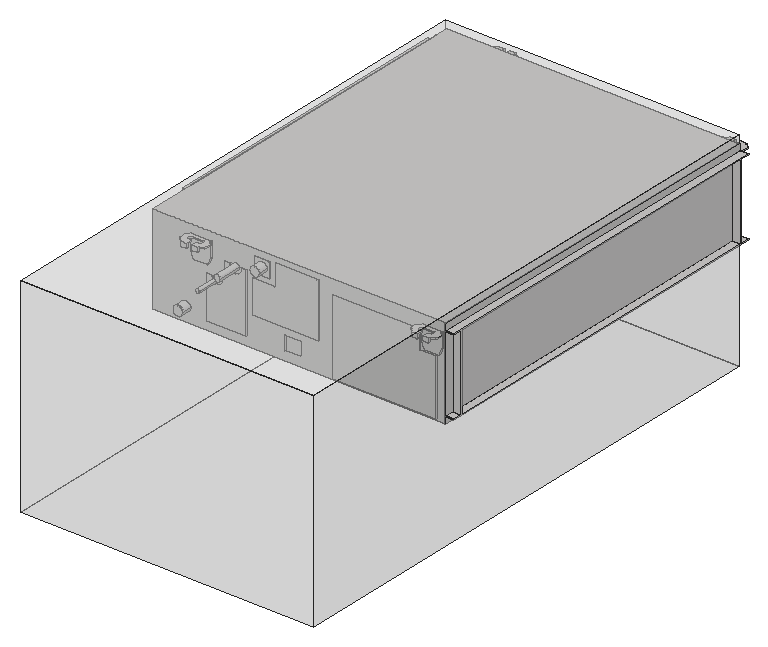
Revit family "outputfile", category 機械設備, Revit 2024
Family settings
  丸型コネクタ寸法 = 半径を使用
  パーツ タイプ = 標準
  OmniClass 番号 = 23.75.10.24.21.27.27
  OmniClass タイトル = Split System Air Conditioning Units
  作業面ベース = いいえ
  常に垂直 = はい
  ロード時にボイドで切り取り = いいえ
  注釈の向きを維持 = いいえ
  共有 = いいえ
  部屋計算ポイント = はい
Parameters (values of type "FBA13BV2S")
  Description = ""
  製造元 = "Daikin"
  書き出し IFC クラス(タイプ) = "IfcUnitaryEquipmentType"
  定義済み IFC タイプ(タイプ) = "AIRCONDITIONINGUNIT"
  Cost = 0
  モデル = "FBA13BV2S"
  Type Comments = ""
  Keynote = ""
  Type Image = (empty or 0)
  Assembly Code = ""
  switch_frequency = yes
  r_Liquid Pipe Size = Liquid Pipe Size / 2  # 4.75 mm
  r_Gas Pipe Size = Gas Pipe Size / 2  # 7.95 mm
  r_Drain Pipe Size = Drain Pipe Size / 2  # 12.5 mm
  lw_power = 770.0 mm  # constant formula
  lh_SA = 138.0 mm  # constant formula
  lw_SA = if(Depth = 550.0 mm, 225.0 mm, if(Depth = 700.0 mm, 300.0 mm, if(Depth = 1000.0 mm, 450.0 mm, if(Depth = 1400.0 mm, 650.0 mm, 725.0 mm))))  # 450.0 mm
  lw_RA = if(Depth = 550.0 mm, 275.0 mm, if(Depth = 700.0 mm, 349.0 mm, if(Depth = 1000.0 mm, 499.0 mm, if(Depth = 1400.0 mm, 699.0 mm, 775.0 mm))))  # 499.0 mm
  lh_power = 60.0 mm + [h***]  # 60.0 mm
  lh_mountinghole1 = lh_mountinghole + [h***]  # 222.0 mm
  lh_RA = 123.0 mm  # constant formula
  ld_power = Depth / 2  # 500.0 mm
  connector_voltage = Voltage_50Hz  # 220 V
  connector_powerinput = [Power Input (Cooling)]  # 0.810 kW
  connector_phase = Phase_50Hz  # 1
  Voltage_comment_50Hz = "220 - 240"
  Voltage_50Hz = 220 V
  URL = ""
  Supply Air Direction [instance] = yes
  Sound Power Level_H speed (dB) = 0
  Phase_50Hz = 1
  Minimum External Static Pressure = 50.00 Pa
  Minimum Circuit Amps_50Hz = 1.5 A
  Maximum Fuse Amps_50Hz = 16.0 A
  Maximum External Static Pressure = 150.00 Pa
  Material_Casing = DAIKIN_GalvanizedSteel_Casing_indoorunit
  lw_mountinghole = 630.0 mm  # constant formula
  lh_gaspipe = 183.0 mm + [h***]  # 183.0 mm
  lh_mountinghole = 222.0 mm  # constant formula
  lh_liquidpipe = 136.0 mm + [h***]  # 136.0 mm
  lh_drainpipe = 207.0 mm + [h***]  # 207.0 mm
  lh_antena = Height - lh_mountinghole + 1.0 mm  # 24.0 mm
  ld_drainpipe = Depth / 2 + 26.0 mm  # 526.0 mm
  ld_liquidpipe = Depth / 2 + 69.0 mm  # 569.0 mm
  ld_gaspipe = Depth / 2 + 65.0 mm  # 565.0 mm
  ld_mountinghole = Depth + 38.0 mm  # 1038.0 mm
  h*** = 0.0 mm  # constant formula
  lw_liquidpipe = 179.0 mm  # constant formula
  lw_gaspipe = 229.0 mm  # constant formula
  lw_drainpipe = 300.0 mm  # constant formula
  Width = 800.0 mm
  Version = "ver.1.0"
  Unit Type = "M.S.P. Duct"
  Unit Mass Weight = 37.00 kg
  Unit Designation [instance] = ""
  Uniclass2015Version = "Products v1.30"
  Uniclass2015Title = "Split coil room air conditioning units"
  Uniclass2015Code = "Pr_70_65_03_86"
  Total Cooling Capacity [instance] = 0.000 kW
  Sound Pressure Level_M speed (dBA) = 33
  Sound Pressure Level_L speed (dBA) = 31
  Sound Pressure Level_H speed (dBA) = 35
  Series = "SkyAir_Fan Coil Unit"
  Sensible Cooling Capacity [instance] = 0.000 kW
  SA Duct Size Width = 792.0 mm
  SA Duct Size Height = 176.0 mm
  Refrigerant Type = "R32"
  RA Duct Size Width = 952.0 mm
  RA Duct Size Height = 208.0 mm
  Power Input (Cooling) = 0.810 kW
  Option Accessory 3 [instance] = ""
  Option Accessory 2 [instance] = ""
  Option Accessory 1 [instance] = ""
  Nominal Cooling Capacity = 3.800 kW
  Minimum Airflow = 750.00 m³/h
  Median Airflow = 900.00 m³/h
  Maximum Airflow = 1080.00 m³/h
  Load Classification = HVAC
  Liquid Pipe Size = 9.5 mm
  Link_Nested Family [instance] = ""
  IfcVersion = ""
  IfcExportType = "AIRCONDITIONINGUNIT"
  IfcExportAs = "IfcUnitaryEquipmentType"
  Height = 245.0 mm
  Heat Exchanger Type = "Cross Fin Coil"
  Gas Pipe Size = 15.9 mm
  Frequency_50Hz = 50 Hz
  Fan Type = "Sirocco Fan"
  Fan Drive = "Direct Drive"
  FCU Tag No. [instance] = ""
  Drain Pipe Size = 25.0 mm
  Design Supply Airflow [instance] = 0.00 m³/h
  Design Return Airflow [instance] = 0.00 m³/h
  Design External Static Pressure [instance] = 0.00 Pa
  Depth = 1000.0 mm
  既定の高さ = 0.0 mm
  Cooling Entering Wet Bulb Temperature [instance] = 0.00 °C
  Cooling Entering Dry Bulb Temperature [instance] = 0.00 °C
  Cooling Ambient Wet Bulb Temperature [instance] = 0.00 °C
  Cooling Ambient Dry Bulb Temperature [instance] = 0.00 °C
  Clearance visibility [instance] = yes
  Clearance Top = 20.0 mm
  Clearance Right = 0.0 mm
  Clearance Rear = 0.0 mm
  Clearance Left = 0.0 mm
  Clearance Front = 450.0 mm
  Clearance Bottom = 300.0 mm
Reference planes
  plane 1 "Center (Front/Back)": y = 0
  plane 2 "h": z = 0
  plane 3 "Center (Left/Right)": x = 0
  plane 4 "Back": y = 500
  plane 5 "Front": y = -500
  plane 6 "Left": x = -400
  plane 7 "Right": x = 400
  plane 8 "Top": z = 0
  plane 9 "Bottom": z = -245
  plane 10: y = -215
  plane 11: y = 500
  plane 12: y = -950
  plane 13: x = -400
  plane 14: x = 400
  plane 15: z = 20
  plane 16: z = -545
  plane 17: x = -400
  plane 18: x = -399
  plane 19: x = 399
  plane 20: y = 50
  plane 21: y = -1
  plane 22: z = -122
  plane 23: y = -501
  plane 24: z = -109
  plane 25: x = -221
  plane 26: y = -565
  plane 27: z = -62
  plane 28: x = -171
  plane 29: y = -526
  plane 30: z = -38
  plane 31: x = -100
  plane 32: x = -100
  plane 33: x = -221
  plane 34: x = -171
  plane 35: x = 370
  plane 36: x = -266
  plane 37: x = 364
  plane 38: y = -519
  plane 39: y = 519
  plane 40: z = -23
  plane 41: z = -107
  plane 42: y = -569
  plane 43: z = -207
  plane 44: x = -309
  plane 45: y = -376
  plane 46: x = -251
  plane 47: x = -203
  plane 48: x = -144
  plane 49: z = -59
  plane 50: z = -106
  plane 51: z = -221
  plane 52: z = -109
  plane 53: x = -221
  plane 54: z = -62
  plane 55: x = -171
  plane 56: z = -17
  plane 57: z = -59
  plane 58: x = -121
  plane 59: x = -79
  plane 60: x = -125
  plane 61: x = -64
  plane 62: x = 53
  plane 63: z = -164
  plane 64: z = -73
  plane 65: z = -16
  plane 66: x = 93.5
  plane 67: x = 374.5
  plane 68: x = 330
  plane 69: z = -88.5
  plane 70: z = -38
  plane 71: z = -242.5
  plane 72: x = -38.5
  plane 73: x = 6.5
  plane 74: z = -181
  plane 75: z = -221
  plane 76: y = -499
  plane 77: x = -424
  plane 78: x = 424
Forms (mm)
  Extrusion 1, solid, material "DAIKIN_GalvanizedSteel_Casing_indoorunit" <- "Material_Casing"
    sketch origin (0, 0, 0) x (1, 0, 0) y (0, 1, 0)
      loop
        line (-399, 500) -> (-399, -500) -> (399, -500) -> (399, 500) -> (-399, 500)
    from -245 to 0
  Extrusion 2, solid, material "DAIKIN_GalvanizedSteel_Casing_indoorunit" <- "Material_Casing"
    sketch origin (0, 0, 0) x (1, 0, 0) y (0, 0, 1)
      loop
        line (-251, -221) -> (-144, -221) -> (-144, -59) -> (-154.47, -59)
        arc (-154.47, -59) -> (-171, -78.8) -> (-187.53, -59) r 16.8
        line (-187.53, -59) -> (-203, -59) -> (-203, -106) -> (-206.916, -106)
        arc (-206.916, -106) -> (-221, -123.4) -> (-235.084, -106) r 14.4
        line (-235.084, -106) -> (-251, -106) -> (-251, -221)
    from 500 to 501
  Extrusion 3, solid, material "DAIKIN_GalvanizedSteel_Casing_indoorunit" <- "Material_Casing"
    sketch origin (0, 0, 0) x (1, 0, 0) y (0, 0, 1)
      loop
        line (-121, -17) -> (-121, -59) -> (-79, -59) -> (-79, -17) -> (-121, -17)
      loop
        line (-125, -73) -> (-125, -164) -> (53, -164) -> (53, -16) -> (-64, -16) -> (-64, -73) -> (-125, -73)
    from 500 to 501
  Extrusion 4, solid, material "DAIKIN_GalvanizedSteel_Casing_indoorunit" <- "Material_Casing"
    sketch origin (0, 0, 0) x (1, 0, 0) y (0, 0, 1)
      loop
        line (93.5, -38) -> (93.5, -242.5) -> (374.5, -242.5) -> (374.5, -88.5) -> (330, -88.5) -> (330, -38) -> (93.5, -38)
    from 500 to 501
  Extrusion 5, solid, material "DAIKIN_GalvanizedSteel_Casing_indoorunit" <- "Material_Casing"
    sketch origin (0, 0, 0) x (1, 0, 0) y (0, 0, 1)
      loop
        circle (-221, -109) r 4.75
    from 500 to 569
  Extrusion 6, solid, material "DAIKIN_GalvanizedSteel_Casing_indoorunit" <- "Material_Casing"
    sketch origin (0, 0, 0) x (1, 0, 0) y (0, 0, 1)
      loop
        circle (-171, -62) r 7.95
    from 500 to 565
  Extrusion 7, solid, material "DAIKIN_GalvanizedSteel_Casing_indoorunit" <- "Material_Casing"
    sketch origin (0, 0, 0) x (1, 0, 0) y (0, 0, 1)
      loop
        circle (-100, -38) r 12.5
    from 501 to 526
  Extrusion 8, solid, material "DAIKIN_GalvanizedSteel_Casing_indoorunit" <- "Material_Casing"
    sketch origin (0, 0, 0) x (1, 0, 0) y (0, 0, 1)
      loop
        circle (-309, -207) r 13
    from 500 to 526
  Extrusion 9, void
    sketch origin (0, 0, 0) x (1, 0, 0) y (0, 0, 1)
      loop
        line (-38.5, -181) -> (-38.5, -221) -> (6.5, -221) -> (6.5, -181) -> (-38.5, -181)
    from 499 to 500
Cuts and joins
  Extrusion 9 cuts Extrusion 1
Dimensions and locks
  "Height": plane 8 "Top" to plane 9 "Bottom"
  equal spacing: plane 4 "Back", plane 1 "Center (Front/Back)", plane 5 "Front"
  "Depth": plane 4 "Back" to plane 5 "Front"
  equal spacing: plane 6 "Left", plane 3 "Center (Left/Right)", plane 7 "Right"
  "Width": plane 6 "Left" to plane 7 "Right"
  "Clearance Left": plane 13 to plane 6 "Left"
  "Clearance Right": plane 7 "Right" to plane 14
  "Clearance Rear": plane 11 to plane 4 "Back"
  "Clearance Front": plane 5 "Front" to plane 12
  "Clearance Top": plane 15 to plane 8 "Top"
  "Clearance Bottom": plane 9 "Bottom" to plane 16
  locked: plane 17 to plane 18 at 1
  locked: plane 19 to plane 14 at 1
  "lw_SA": plane 11 to plane 20
  "lw_RA": plane 21 to plane 5 "Front"
  "lh_RA": plane 22 to plane 9 "Bottom"
  locked: plane 5 "Front" to plane 23 at 1
  "lw_liquidpipe": plane 25 to plane 6 "Left"
  "lh_liquidpipe": plane 24 to plane 9 "Bottom"
  "lh_gaspipe": plane 27 to plane 9 "Bottom"
  "lw_gaspipe": plane 28 to plane 6 "Left"
  "ld_gaspipe": plane 26 to plane 1 "Center (Front/Back)"
  "ld_drainpipe": plane 29 to plane 1 "Center (Front/Back)"
  "lh_drainpipe": plane 30 to plane 9 "Bottom"
  "lw_drainpipe": plane 31 to plane 6 "Left"
  "lw_drainpipe": plane 6 "Left" to plane 32
  "lw_liquidpipe": plane 6 "Left" to plane 33
  "lw_gaspipe": plane 6 "Left" to plane 34
  "lw_power": plane 6 "Left" to plane 35
  locked: plane 17 to plane 36 at 134
  "lw_mountinghole": plane 36 to plane 37
  equal spacing: plane 38, plane 1 "Center (Front/Back)", plane 39
  "ld_mountinghole": plane 39 to plane 38
  "lh_mountinghole": plane 40 to plane 9 "Bottom"
  "lh_SA": plane 41 to plane 9 "Bottom"
  locked: plane 44 to plane 6 "Left" at 91
  locked: plane 43 to plane 9 "Bottom" at 38
  plane 48 to plane 47 to plane 46 to plane 6 "Left" = 59.0 mm, 48.0 mm, 149.0 mm
  plane 8 "Top" to plane 49 to plane 50 to plane 51 = 59.0 mm locked, 47.0 mm locked, 115.0 mm locked
  plane 55 to plane 53 to plane 6 "Left" = 50.0 mm locked, 179.0 mm locked
  plane 54 to plane 52 to plane 9 "Bottom" = 47.0 mm locked, 136.0 mm locked
  plane 59 to plane 58 to plane 6 "Left" = 42.0 mm locked, 279.0 mm locked
  plane 8 "Top" to plane 56 to plane 57 = 17.0 mm locked, 42.0 mm locked
  plane 62 to plane 61 to plane 60 to plane 6 "Left" = 117.0 mm, 61.0 mm, 275.0 mm
  plane 8 "Top" to plane 65 to plane 64 = 16.0 mm locked, 57.0 mm locked
  locked: plane 65 to plane 63 at 148
  plane 8 "Top" to plane 70 to plane 69 to plane 71 = 38.0 mm locked, 50.5 mm locked, 154.0 mm locked
  plane 67 to plane 68 to plane 66 to plane 6 "Left" = 44.5 mm locked, 236.5 mm locked, 493.5 mm locked
  plane 8 "Top" to plane 74 to plane 75 = 181.0 mm locked, 40.0 mm locked
  plane 73 to plane 72 to plane 6 "Left" = 45.0 mm, 361.5 mm
  locked: plane 76 to plane 5 "Front" at 1
  locked: plane 77 to plane 17 at 24
  locked: plane 14 to plane 78 at 24
  "ld_liquidpipe": plane 42 to plane 1 "Center (Front/Back)"
  "r_Liquid Pipe Size": radius of Extrusion 5 sketch curve
  "r_Gas Pipe Size": radius of Extrusion 6 sketch curve
  "r_Drain Pipe Size": radius of Extrusion 7 sketch curve
  aligned and locked: level to plane 2 "h"
  aligned and locked: plane 8 "Top" to Extrusion 1
  aligned and locked: Extrusion 1 to plane 9 "Bottom"
  aligned and locked: nested 5 to plane 12
  aligned and locked: plane 13 to nested 5
  aligned and locked: plane 14 to nested 5
  aligned and locked: nested 5 to plane 13
  aligned and locked: plane 11 to nested 5
  aligned and locked: plane 15 to nested 5
  aligned and locked: plane 16 to nested 5
  aligned and locked: plane 5 "Front" to Extrusion 1 sketch curve
  aligned and locked: Extrusion 1 to plane 18
  aligned and locked: plane 19 to Extrusion 1
  aligned and locked: nested 7 to plane 18
  aligned and locked: nested 7 to plane 20
  aligned and locked: plane 19 to nested 8
  aligned and locked: plane 21 to nested 8
  aligned and locked: plane 22 to nested 8
  aligned and locked: Extrusion 2 to plane 23
  aligned and locked: plane 5 "Front" to Extrusion 2
  aligned and locked: Extrusion 3 to plane 23
  aligned and locked: plane 5 "Front" to Extrusion 3
  aligned and locked: plane 5 "Front" to Extrusion 4
  aligned and locked: Extrusion 5 sketch curve to plane 25
  aligned and locked: plane 24 to Extrusion 5 sketch curve
  aligned and locked: plane 5 "Front" to Extrusion 5
  aligned and locked: Extrusion 6 sketch curve to plane 28
  aligned and locked: plane 27 to Extrusion 6 sketch curve
  aligned and locked: plane 5 "Front" to Extrusion 6
  aligned and locked: Extrusion 7 sketch curve to plane 31
  aligned and locked: Extrusion 7 sketch curve to plane 30
  aligned and locked: Extrusion 7 to plane 29
  aligned and locked: plane 23 to Extrusion 7
  aligned and locked: nested 3 to plane 29
  aligned and locked: plane 32 to nested 3
  aligned and locked: nested 2 to plane 33
  aligned and locked: nested 1 to plane 34
  aligned and locked: Extrusion 6 to plane 26
  aligned and locked: nested 1 to plane 26
  aligned and locked: nested 6 to plane 5 "Front"
  aligned and locked: nested 6 to plane 35
  aligned and locked: plane 36 to nested 10
  aligned and locked: nested 10 to plane 5 "Front"
  aligned and locked: plane 37 to nested 9
  aligned and locked: nested 9 to plane 5 "Front"
  aligned and locked: nested 11 to plane 36
  aligned and locked: plane 4 "Back" to nested 11
  aligned and locked: nested 12 to plane 37
  aligned and locked: plane 4 "Back" to nested 12
  aligned and locked: plane 40 to nested 10
  aligned and locked: plane 40 to nested 11
  aligned and locked: plane 40 to nested 9
  aligned and locked: plane 40 to nested 12
  aligned and locked: plane 36 to nested 14
  aligned and locked: nested 14 to plane 39
  aligned and locked: plane 37 to nested 13
  aligned and locked: nested 13 to plane 39
  aligned and locked: plane 37 to nested 16
  aligned and locked: plane 38 to nested 16
  aligned and locked: plane 38 to nested 15
  aligned and locked: plane 36 to nested 15
  aligned and locked: plane 17 to plane 6 "Left"
  aligned and locked: plane 41 to nested 7
  aligned and locked: Extrusion 5 to plane 42
  aligned and locked: nested 2 to plane 42
  aligned and locked: Extrusion 8 sketch curve to plane 44
  aligned and locked: plane 43 to Extrusion 8 sketch curve
  aligned and locked: plane 5 "Front" to Extrusion 8
  aligned and locked: Extrusion 3 sketch curve to plane 56
  aligned and locked: Extrusion 3 sketch curve to plane 58
  aligned and locked: plane 57 to Extrusion 3 sketch curve
  aligned and locked: plane 59 to Extrusion 3 sketch curve
  aligned and locked: Extrusion 4 to plane 23
  aligned and locked: Extrusion 9 sketch curve to plane 74
  aligned and locked: plane 75 to Extrusion 9 sketch curve
  aligned and locked: plane 73 to Extrusion 9 sketch curve
  aligned and locked: plane 5 "Front" to Extrusion 9
  aligned and locked: plane 76 to Extrusion 9
  aligned and locked: nested 17 to plane 20
  aligned and locked: nested 17 to plane 77
  aligned and locked: plane 21 to nested 18
  aligned and locked: plane 78 to nested 18
  aligned and locked: plane 41 to nested 17
  aligned and locked: nested 18 to plane 22
  aligned and locked: nested 4 to plane 3 "Center (Left/Right)"
  aligned and locked: plane 1 "Center (Front/Back)" to nested 4
  aligned and locked: level to plane 8 "Top"
Automatic sketch dimensions
  plane 6 "Left" to Extrusion 1 sketch curve = 1.0 mm
  Extrusion 1 sketch curve to plane 7 "Right" = 1.0 mm
  Extrusion 1 sketch curve to plane 4 "Back" = 0.0 mm
  Extrusion 2 sketch curve to plane 46 = 0.0 mm
  Extrusion 2 sketch curve to plane 33 = 0.0 mm
  Extrusion 2 sketch curve to plane 47 = 0.0 mm
  Extrusion 2 sketch curve to plane 34 = 0.0 mm
  Extrusion 2 sketch curve to plane 48 = 0.0 mm
  Extrusion 2 sketch curve to plane 51 = 0.0 mm
  Extrusion 2 sketch curve to plane 52 = 0.0 mm
  Extrusion 2 sketch curve to plane 50 = 0.0 mm  (x3)
  Extrusion 2 sketch curve to plane 54 = 0.0 mm
  Extrusion 2 sketch curve to plane 49 = 0.0 mm  (x3)
  plane 33 to Extrusion 2 sketch curve = 14.084 mm
  plane 34 to Extrusion 2 sketch curve = 16.53 mm
  Extrusion 3 sketch curve to plane 60 = 0.0 mm
  Extrusion 3 sketch curve to plane 61 = 0.0 mm
  Extrusion 3 sketch curve to plane 62 = 0.0 mm
  Extrusion 3 sketch curve to plane 63 = 0.0 mm
  Extrusion 3 sketch curve to plane 64 = 0.0 mm
  Extrusion 3 sketch curve to plane 65 = 0.0 mm
  Extrusion 4 sketch curve to plane 66 = 0.0 mm
  Extrusion 4 sketch curve to plane 68 = 0.0 mm
  Extrusion 4 sketch curve to plane 67 = 0.0 mm
  Extrusion 4 sketch curve to plane 71 = 0.0 mm
  Extrusion 4 sketch curve to plane 69 = 0.0 mm
  Extrusion 4 sketch curve to plane 70 = 0.0 mm
  Extrusion 9 sketch curve to plane 72 = 0.0 mm
  radius of Extrusion 8 sketch curve = 13.0 mm
Nested families
  nested 1: "daikin_connector_rotate2" at (-171, 0, -62), length <- "ld_gaspipe", built-in parameter 1001364 <- "lh_gaspipe", radius <- "r_Gas Pipe Size", type "daikin_connector_rotate2"
    with radius 7.95 mm, length 565.0 mm, angle_vertical 90.00°
  nested 2: "daikin_connector_rotate2" at (-221, 0, -109), length <- "ld_liquidpipe", built-in parameter 1001364 <- "lh_liquidpipe", radius <- "r_Liquid Pipe Size", type "daikin_connector_rotate2"
    with radius 4.75 mm, length 569.0 mm, angle_vertical 90.00°
  nested 3: "daikin_connector_rotate2" at (-100, 0, -38), length <- "ld_drainpipe", built-in parameter 1001364 <- "lh_drainpipe", radius <- "r_Drain Pipe Size", type "daikin_connector_rotate2"
    with radius 12.5 mm, length 526.0 mm, angle_vertical 90.00°
  nested 4: "daikin_△_symbolicline" at (0, 0, 245) x (0, -1, 0) z (0, 0, 1), built-in parameter 1001364 <- "Height", visible <- "Supply Air Direction", type "daikin_△_symbolicline"
    with length 200.0 mm
  nested 5: "daikin_clearancespace" at (0, -225, -262.381), visible <- "Clearance visibility", show <- "Clearance visibility", Link_Nested Family <- "Link_Nested Family", type "daikin_clearancespace"
    with width 800.0 mm, show yes, height 565.0 mm, depth 1450.0 mm, Link_Nested Family ""
  nested 6: "daikin_connector_rotate2" at (370, 0, -185), built-in parameter 1001364 <- "lh_power", length <- "ld_power", type "daikin_connector_rotate2"
    with radius 10.0 mm, length 500.0 mm, angle_vertical 90.00°
  nested 7: "daikin_ductflange_FBA-BV2S2" at (-399, 50, -107) x (0, -1, 0) z (0, 0, 1), type "daikin_ductflange_FBA-BV2S2"
    with width 792.0 mm, w 1000.0 mm
  nested 8: "daikin_ductflange_FBA-BV2S" at (399, -1, -122) x (0, 1, 0) z (0, 0, 1), type "daikin_ductflange_FBA-BV2S"
    with width 952.0 mm, lw 25.0 mm, w 1000.0 mm
  nested 9: "daikin_hangerfixture_FBA-BV2S" at (364, -500, -23), type "daikin_hangerfixture_FBA-BV2S"
  nested 10: "daikin_hangerfixture_FBA-BV2S" at (-266, -500, -23), type "daikin_hangerfixture_FBA-BV2S"
  nested 11: "daikin_hangerfixture_FBA-BV2S" at (-266, 500, -23) x (-1, 0, 0) z (0, 0, 1), type "daikin_hangerfixture_FBA-BV2S"
  nested 12: "daikin_hangerfixture_FBA-BV2S" at (364, 500, -23) x (-1, 0, 0) z (0, 0, 1), type "daikin_hangerfixture_FBA-BV2S"
  nested 13: "daikin_mountinghole" at (364, 519, -245), h_mountinghole <- "lh_mountinghole1", l_antenna <- "lh_antena", Link_Nested Family <- "Link_Nested Family", type "daikin_mountinghole"
    with show yes, l_antenna 24.0 mm, h_mountinghole 222.0 mm, Link_Nested Family ""
  nested 14: "daikin_mountinghole" at (-266, 519, -245), h_mountinghole <- "lh_mountinghole1", l_antenna <- "lh_antena", Link_Nested Family <- "Link_Nested Family", type "daikin_mountinghole"
    with show yes, l_antenna 24.0 mm, h_mountinghole 222.0 mm, Link_Nested Family ""
  nested 15: "daikin_mountinghole" at (-266, -519, -245), h_mountinghole <- "lh_mountinghole1", l_antenna <- "lh_antena", Link_Nested Family <- "Link_Nested Family", type "daikin_mountinghole"
    with show yes, l_antenna 24.0 mm, h_mountinghole 222.0 mm, Link_Nested Family ""
  nested 16: "daikin_mountinghole" at (364, -519, -245), h_mountinghole <- "lh_mountinghole1", l_antenna <- "lh_antena", Link_Nested Family <- "Link_Nested Family", type "daikin_mountinghole"
    with show yes, l_antenna 24.0 mm, h_mountinghole 222.0 mm, Link_Nested Family ""
  nested 17: "daikin_connector_rotate2" at (-400, 50, -107) x (0, -1, 0) z (0, 0, 1), type "daikin_connector_rotate2"
    with radius 10.0 mm, length 24.0 mm, angle_vertical 90.00°
  nested 18: "daikin_connector_rotate2" at (400, -1, -122) x (0, 1, 0) z (0, 0, 1), type "daikin_connector_rotate2"
    with radius 10.0 mm, length 24.0 mm, angle_vertical 90.00°
Connectors
  piping at (-100, -526, -38), diameter 25, driven by "r_Drain Pipe Size"
    settings: on nested 3, index 3, connector inside diameter 609.6 mm, connector length 0.0 mm, flow factor 0, pipe flow 0.00 m³/h, pressure drop 0.0 Pa, fitting loss kfactor 0, connector angle 0.00°, fixture units 0, engagement length 0.0 mm, angle of deflection 0.00°, flow configuration 1, flow direction 2, fitting loss method 4, system type 16, joint type 0, gender type 0, connector reference index -1, connector utility 0, adjustable connector no, is connector primary yes, connector description "Condensate Drain Piping"
  piping at (-171, -565, -62), diameter 15.9, driven by "r_Gas Pipe Size"
    settings: on nested 1, index 4, connector inside diameter 609.6 mm, connector length 0.0 mm, flow factor 0, pipe flow 0.00 m³/h, pressure drop 0.0 Pa, fitting loss kfactor 0, connector angle 0.00°, fixture units 0, engagement length 0.0 mm, angle of deflection 0.00°, flow configuration 1, flow direction 2, fitting loss method 0, system type 29, joint type 0, gender type 0, connector reference index -1, connector utility 0, adjustable connector no, is connector primary no, connector description "Refrigerant Gas Piping"
  piping at (-221, -569, -109), diameter 9.5, driven by "r_Liquid Pipe Size"
    settings: on nested 2, index 5, connector inside diameter 609.6 mm, connector length 0.0 mm, flow factor 0, pipe flow 0.00 m³/h, pressure drop 0.0 Pa, fitting loss kfactor 0, connector angle 0.00°, fixture units 0, engagement length 0.0 mm, angle of deflection 0.00°, flow configuration 1, flow direction 1, fitting loss method 0, system type 29, joint type 0, gender type 0, connector reference index -1, connector utility 0, adjustable connector no, is connector primary no, connector description "Refrigerant Liquid Piping"
  electrical at (370, -500, -185), driven by "Load Classification", driven by "connector_voltage", driven by "connector_phase", driven by "connector_powerinput"
    settings: on nested 6, index 6, voltage 220 V, apparent load 810 VA, apparent load phase1 0 VA, apparent load phase2 0 VA, apparent load phase3 0 VA, power factor 1, load classification "HVAC", number of poles 1, system type 30, power factor state 1, is connector primary yes, connector utility no, sub classification motor no, connector description "Power Supply"
  hvac at (-424, 50, -107), driven by "SA Duct Size Height", driven by "SA Duct Size Width"
    settings: on nested 17, index 7, duct flow 0.00 m³/h, flow factor 0, pres drop 0.00 Pa, loss coef 0, conn angle 0.00°, conn width 792.0 mm, conn height 176.0 mm, conn diameter 609.6 mm, duct sys type 1, conn prof type 1, flow config 0, flow direction 2, loss method 4, conn ref index -1, conn util no, is conn primary yes, conn desc "SA Duct"
  hvac at (424, -1, -122), driven by "RA Duct Size Height", driven by "RA Duct Size Width"
    settings: on nested 18, index 8, duct flow 0.00 m³/h, flow factor 0, pres drop 0.00 Pa, loss coef 0, conn angle 0.00°, conn width 952.0 mm, conn height 208.0 mm, conn diameter 609.6 mm, duct sys type 2, conn prof type 1, flow config 0, flow direction 1, loss method 4, conn ref index -1, conn util no, is conn primary no, conn desc "RA Duct"
Definition of nested family "daikin_clearancespace"
  Parameters (values of type "daikin_clearancespace")
    Description = "daikin_clearancespace"
    width [instance] = 1823.963 mm
    show [instance] = yes
    material = none
    height [instance] = 1359.762 mm
    depth [instance] = 880.0 mm
    Default Elevation = 0.0 mm
    Link_Nested Family [instance] = ""
  Reference planes
    plane 1 "Center (Front/Back)": y = 0
    plane 2 "Center (Elevation)": z = -0.119
    plane 3 "Center (Left/Right)": x = 0
    plane 4: y = 440
    plane 5: y = -440
    plane 6 "Right": x = 911.982
    plane 7 "Left": x = -911.982
    plane 8 "Top": z = 679.762
    plane 9 "Bottom": z = -680
  Forms (mm)
    Extrusion 1, solid, material <- "material", visible <- "show"
      sketch origin (0, 0, 0) x (1, 0, 0) y (0, 1, 0)
        loop
          line (-911.982, 440) -> (-911.982, -440) -> (911.982, -440) -> (911.982, 440) -> (-911.982, 440)
      from -680 to 679.762
  Lines and regions (mm)
    symbolic lines, visible <- "show"
      curve 1: line (911.982, 440, 0) -> (-911.982, 440, 0)
      curve 2: line (-911.982, 440, 0) -> (-911.982, -440, 0)
      curve 3: line (-911.982, -440, 0) -> (911.982, -440, 0)
      curve 4: line (911.982, -440, 0) -> (911.982, 440, 0)
      curve 5: line (911.982, 0, 679.762) -> (-911.982, 0, 679.762)
      curve 6: line (911.982, 0, -680) -> (911.982, 0, 679.762)
      curve 7: line (-911.982, 0, -680) -> (911.982, 0, -680)
      curve 8: line (-911.982, 0, 679.762) -> (-911.982, 0, -680)
      curve 9: line (0, 440, 679.762) -> (0, -440, 679.762)
      curve 10: line (0, -440, 679.762) -> (0, -440, -680)
      curve 11: line (0, 440, -680) -> (0, 440, 679.762)
      curve 12: line (0, -440, -680) -> (0, 440, -680)
  Dimensions and locks
    "width": plane 7 "Left" to plane 6 "Right"
    "depth": plane 4 to plane 5
    "height": plane 8 "Top" to plane 9 "Bottom"
    equal spacing: plane 7 "Left", plane 3 "Center (Left/Right)", plane 6 "Right"
    equal spacing: plane 4, plane 1 "Center (Front/Back)", plane 5
    equal spacing: plane 8 "Top", plane 2 "Center (Elevation)", plane 9 "Bottom"
    aligned and locked: level to plane 2 "Center (Elevation)"
    aligned and locked: Extrusion 1 sketch curve to plane 4
    aligned and locked: plane 7 "Left" to Extrusion 1 sketch curve
    aligned and locked: Extrusion 1 sketch curve to plane 5
    aligned and locked: Extrusion 1 sketch curve to plane 6 "Right"
    aligned and locked: plane 8 "Top" to Extrusion 1
    aligned and locked: curve 1 to Extrusion 1
    aligned and locked: curve 2 to Extrusion 1
    aligned and locked: curve 3 to Extrusion 1
    aligned and locked: curve 4 to Extrusion 1
    aligned and locked: curve 5 to Extrusion 1
    aligned and locked: curve 6 to Extrusion 1
    aligned and locked: curve 7 to Extrusion 1
    aligned and locked: curve 8 to Extrusion 1
    aligned and locked: curve 9 to Extrusion 1
    aligned and locked: curve 10 to Extrusion 1
    aligned and locked: curve 11 to Extrusion 1
    aligned and locked: curve 12 to Extrusion 1
    aligned and locked: Extrusion 1 to plane 9 "Bottom"
Definition of nested family "daikin_ductflange_FBA-BV2S2"
  Parameters (values of type "daikin_ductflange_FBFC-DVMG2")
    width = if(w = 550.0 mm, 337.0 mm, if(w = 700.0 mm, 492.0 mm, if(w = 1000.0 mm, 792.0 mm, if(w = 1400.0 mm, 1192.0 mm, 1337.0 mm))))  # 1192.0 mm
    material = none
    height = 215.0 mm
    depth = 1.0 mm
    w = 1400.0 mm
    Default Elevation = 0.0 mm
  Reference planes
    plane 1 "Center (Front/Back)": y = 0
    plane 2: z = 0
    plane 3 "Center (Left/Right)": x = 0
    plane 4: z = 88
    plane 5: z = -88
    plane 6: y = -25
    plane 7: z = 106
    plane 8: z = 89
    plane 9: y = -1
    plane 10: x = -617.5
    plane 11: x = 617.5
    plane 12: z = -106
    plane 13: z = -89
    plane 14: y = -1
    plane 15: x = 596
    plane 16: x = -596
    plane 17: x = 597
    plane 18: z = 87
    plane 19: z = -87
    plane 20: x = -597
    plane 21: z = 87
    plane 22: z = -87
    plane 23: y = -1
  Forms (mm)
    Extrusion 1, solid, material <- "material"
      sketch origin (0, 0, 0) x (0, 1, 0) y (0, 0, 1)
        loop
          line (-25, 88) -> (0, 88) -> (0, 106) -> (-1, 106) -> (-1, 89) -> (-25, 89) -> (-25, 88)
      from -617.5 to 617.5
    Extrusion 2, solid, material <- "material"
      sketch origin (0, 0, 0) x (0, 1, 0) y (0, 0, 1)
        loop
          line (-25, -88) -> (-25, -89) -> (-1, -89) -> (-1, -106) -> (0, -106) -> (0, -88) -> (-25, -88)
      from -617.5 to 617.5
    Extrusion 3, solid, material <- "material"
      sketch origin (0, 0, 0) x (1, 0, 0) y (0, 0, 1)
        loop
          line (596, 88) -> (596, -88) -> (617.5, -88) -> (617.5, -87) -> (597, -87) -> (597, 87) -> (617.5, 87) -> (617.5, 88) -> (596, 88)
      from 0 to 25
    Extrusion 4, solid, material <- "material"
      sketch origin (0, 0, 0) x (1, 0, 0) y (0, 0, 1)
        loop
          line (-617.5, 88) -> (-617.5, 87) -> (-597, 87) -> (-597, -87) -> (-617.5, -87) -> (-617.5, -88) -> (-596, -88) -> (-596, 88) -> (-617.5, 88)
      from 0 to 25
    Extrusion 5, solid, material <- "material"
      sketch origin (0, 0, 0) x (1, 0, 0) y (0, 0, 1)
        loop
          line (-617.5, 88) -> (-617.5, -88) -> (-596, -88) -> (-596, 88) -> (-617.5, 88)
        loop
          line (617.5, 88) -> (596, 88) -> (596, -88) -> (617.5, -88) -> (617.5, 88)
      from 0 to 1
  Cuts and joins
    joined: Extrusion 1, Extrusion 2, Extrusion 3, Extrusion 4, Extrusion 5
  Dimensions and locks
    plane 4 to level to plane 5 = 88.0 mm, 88.0 mm
    locked: plane 6 to plane 1 "Center (Front/Back)" at 25
    locked: plane 9 to plane 1 "Center (Front/Back)" at 1
    locked: plane 8 to plane 4 at 1
    locked: plane 16 to plane 10 at 21.5
    locked: plane 17 to plane 15 at 1
    locked: plane 4 to plane 18 at 1
    locked: plane 19 to plane 5 at 1
    "width": plane 15 to plane 16
    plane 4 to plane 5 = 176.0 mm
    locked: plane 16 to plane 20 at 1
    locked: plane 4 to plane 21 at 1
    locked: plane 22 to plane 5 at 1
    locked: plane 23 to plane 1 "Center (Front/Back)" at 1
    plane 4 to level to plane 5 = 88.0 mm locked, 88.0 mm locked
    locked: plane 5 to plane 13 at 1
    locked: plane 5 to plane 12 at 18
    locked: plane 7 to plane 4 at 18
    equal spacing: plane 15, plane 3 "Center (Left/Right)", plane 16
    locked: plane 11 to plane 15 at 21.5
    plane 11 to plane 10 = 1235.0 mm
    aligned and locked: level to plane 2
    aligned and locked: Extrusion 1 to plane 10
    aligned and locked: plane 11 to Extrusion 1
    aligned and locked: plane 5 to Extrusion 2
    aligned and locked: Extrusion 2 to plane 1 "Center (Front/Back)"
    aligned and locked: plane 15 to Extrusion 3 sketch curve
    aligned and locked: Extrusion 3 sketch curve to Extrusion 2  (x2)
    aligned and locked: Extrusion 3 sketch curve to plane 11
    aligned and locked: plane 6 to Extrusion 3
    aligned and locked: Extrusion 2 to plane 10
    aligned and locked: plane 11 to Extrusion 2
    aligned and locked: Extrusion 4 sketch curve to Extrusion 1  (x2)
    aligned and locked: plane 5 to Extrusion 4 sketch curve
    aligned and locked: Extrusion 4 sketch curve to plane 16
    aligned and locked: Extrusion 4 sketch curve to plane 22
    aligned and locked: plane 20 to Extrusion 4 sketch curve
    aligned and locked: plane 21 to Extrusion 4 sketch curve
    aligned and locked: Extrusion 4 to plane 1 "Center (Front/Back)"
    aligned and locked: plane 6 to Extrusion 4
    aligned and locked: Extrusion 5 sketch curve to Extrusion 1  (x4)
    aligned and locked: Extrusion 5 sketch curve to Extrusion 4  (x2)
    aligned and locked: Extrusion 5 sketch curve to Extrusion 3  (x2)
    aligned and locked: Extrusion 5 to plane 1 "Center (Front/Back)"
    aligned and locked: plane 23 to Extrusion 5
  Automatic sketch dimensions
    Extrusion 1 sketch curve to plane 6 = 0.0 mm
    Extrusion 1 sketch curve to plane 7 = 0.0 mm
    Extrusion 1 sketch curve to plane 9 = 0.0 mm
    Extrusion 1 sketch curve to plane 1 "Center (Front/Back)" = 0.0 mm
    Extrusion 1 sketch curve to plane 4 = 0.0 mm
    Extrusion 1 sketch curve to plane 8 = 0.0 mm
    Extrusion 2 sketch curve to plane 6 = 0.0 mm
    plane 12 to Extrusion 2 sketch curve = 0.0 mm
    Extrusion 2 sketch curve to plane 14 = 0.0 mm
    Extrusion 2 sketch curve to plane 1 "Center (Front/Back)" = 0.0 mm
    plane 13 to Extrusion 2 sketch curve = 0.0 mm
    Extrusion 2 sketch curve to plane 5 = 0.0 mm
    Extrusion 3 sketch curve to plane 17 = 0.0 mm
    Extrusion 3 sketch curve to plane 19 = 0.0 mm
    Extrusion 3 sketch curve to plane 18 = 0.0 mm
    Extrusion 3 sketch curve to plane 4 = 0.0 mm
    Extrusion 4 sketch curve to plane 10 = 0.0 mm
Definition of nested family "daikin_ductflange_FBA-BV2S"
  Parameters (values of type "daikin_ductflange_FBFC-DVMG")
    width = if(w = 550.0 mm, 502.0 mm, if(w = 700.0 mm, 654.0 mm, if(w = 1000.0 mm, 952.0 mm, if(w = 1400.0 mm, 1352.0 mm, 1502.0 mm))))  # 654.0 mm
    material = none
    lw = if(width = 654.0 mm, 23.0 mm, 25.0 mm)  # 23.0 mm
    height = 208.0 mm
    depth = 1.0 mm
    w = 700.0 mm
    Default Elevation = 0.0 mm
  Reference planes
    plane 1 "Center (Front/Back)": y = 0
    plane 2: z = 0
    plane 3 "Center (Left/Right)": x = 0
    plane 4: z = 104
    plane 5: z = -104
    plane 6: y = -25
    plane 7: z = 121
    plane 8: z = 105
    plane 9: y = -1
    plane 10: x = -350
    plane 11: x = 350
    plane 12: z = -122
    plane 13: z = -105
    plane 14: y = -1
    plane 15: x = 327
    plane 16: x = -327
    plane 17: x = 328
    plane 18: z = 103
    plane 19: z = -103
    plane 20: x = -328
    plane 21: z = 103
    plane 22: z = -103
    plane 23: y = -1
  Forms (mm)
    Extrusion 1, solid, material <- "material"
      sketch origin (0, 0, 0) x (0, 1, 0) y (0, 0, 1)
        loop
          line (-25, 104) -> (0, 104) -> (0, 121) -> (-1, 121) -> (-1, 105) -> (-25, 105) -> (-25, 104)
      from -350 to 350
    Extrusion 2, solid, material <- "material"
      sketch origin (0, 0, 0) x (0, 1, 0) y (0, 0, 1)
        loop
          line (-25, -104) -> (-25, -105) -> (-1, -105) -> (-1, -122) -> (0, -122) -> (0, -104) -> (-25, -104)
      from -350 to 350
    Extrusion 3, solid, material <- "material"
      sketch origin (0, 0, 0) x (1, 0, 0) y (0, 0, 1)
        loop
          line (327, 104) -> (327, -104) -> (350, -104) -> (350, -103) -> (328, -103) -> (328, 103) -> (350, 103) -> (350, 104) -> (327, 104)
      from 0 to 25
    Extrusion 4, solid, material <- "material"
      sketch origin (0, 0, 0) x (1, 0, 0) y (0, 0, 1)
        loop
          line (-350, 104) -> (-350, 103) -> (-328, 103) -> (-328, -103) -> (-350, -103) -> (-350, -104) -> (-327, -104) -> (-327, 104) -> (-350, 104)
      from 0 to 25
    Extrusion 5, solid, material <- "material"
      sketch origin (0, 0, 0) x (1, 0, 0) y (0, 0, 1)
        loop
          line (-350, 104) -> (-350, -104) -> (-327, -104) -> (-327, 104) -> (-350, 104)
        loop
          line (350, 104) -> (327, 104) -> (327, -104) -> (350, -104) -> (350, 104)
      from 0 to 1
  Cuts and joins
    joined: Extrusion 1, Extrusion 2, Extrusion 3, Extrusion 4, Extrusion 5
  Dimensions and locks
    plane 4 to level to plane 5 = 104.0 mm, 104.0 mm
    locked: plane 6 to plane 1 "Center (Front/Back)" at 25
    locked: plane 9 to plane 1 "Center (Front/Back)" at 1
    locked: plane 8 to plane 4 at 1
    "lw": plane 11 to plane 15
    "lw": plane 16 to plane 10
    locked: plane 17 to plane 15 at 1
    locked: plane 4 to plane 18 at 1
    locked: plane 19 to plane 5 at 1
    "width": plane 15 to plane 16
    equal spacing: plane 15, plane 3 "Center (Left/Right)", plane 16
    locked: plane 16 to plane 20 at 1
    locked: plane 4 to plane 21 at 1
    locked: plane 22 to plane 5 at 1
    locked: plane 23 to plane 1 "Center (Front/Back)" at 1
    locked: plane 7 to plane 4 at 17
    locked: plane 1 "Center (Front/Back)" to plane 14 at 1
    locked: plane 5 to plane 13 at 1
    "height": plane 4 to plane 5
    plane 11 to plane 10 = 700.0 mm
    locked: plane 12 to plane 13 at 17
    equal spacing: plane 4, level, plane 5
    aligned and locked: level to plane 2
    aligned and locked: Extrusion 1 to plane 10
    aligned and locked: plane 11 to Extrusion 1
    aligned and locked: plane 5 to Extrusion 2
    aligned and locked: Extrusion 2 to plane 1 "Center (Front/Back)"
    aligned and locked: plane 15 to Extrusion 3 sketch curve
    aligned and locked: Extrusion 3 sketch curve to Extrusion 2  (x2)
    aligned and locked: Extrusion 3 sketch curve to plane 11
    aligned and locked: plane 6 to Extrusion 3
    aligned and locked: Extrusion 2 to plane 10
    aligned and locked: plane 11 to Extrusion 2
    aligned and locked: Extrusion 4 sketch curve to Extrusion 1  (x2)
    aligned and locked: plane 5 to Extrusion 4 sketch curve
    aligned and locked: Extrusion 4 sketch curve to plane 16
    aligned and locked: Extrusion 4 sketch curve to plane 22
    aligned and locked: plane 20 to Extrusion 4 sketch curve
    aligned and locked: plane 21 to Extrusion 4 sketch curve
    aligned and locked: Extrusion 4 to plane 1 "Center (Front/Back)"
    aligned and locked: plane 6 to Extrusion 4
    aligned and locked: Extrusion 5 sketch curve to Extrusion 1  (x4)
    aligned and locked: Extrusion 5 sketch curve to Extrusion 4  (x2)
    aligned and locked: Extrusion 5 sketch curve to Extrusion 3  (x2)
    aligned and locked: Extrusion 5 to plane 1 "Center (Front/Back)"
    aligned and locked: plane 23 to Extrusion 5
  Automatic sketch dimensions
    Extrusion 1 sketch curve to plane 6 = 0.0 mm
    Extrusion 1 sketch curve to plane 7 = 0.0 mm
    Extrusion 1 sketch curve to plane 9 = 0.0 mm
    Extrusion 1 sketch curve to plane 1 "Center (Front/Back)" = 0.0 mm
    Extrusion 1 sketch curve to plane 4 = 0.0 mm
    Extrusion 1 sketch curve to plane 8 = 0.0 mm
    Extrusion 2 sketch curve to plane 6 = 0.0 mm
    plane 12 to Extrusion 2 sketch curve = 0.0 mm
    Extrusion 2 sketch curve to plane 14 = 0.0 mm
    Extrusion 2 sketch curve to plane 1 "Center (Front/Back)" = 0.0 mm
    plane 13 to Extrusion 2 sketch curve = 0.0 mm
    Extrusion 2 sketch curve to plane 5 = 0.0 mm
    Extrusion 3 sketch curve to plane 17 = 0.0 mm
    Extrusion 3 sketch curve to plane 19 = 0.0 mm
    Extrusion 3 sketch curve to plane 18 = 0.0 mm
    Extrusion 3 sketch curve to plane 4 = 0.0 mm
    Extrusion 4 sketch curve to plane 10 = 0.0 mm
Definition of nested family "daikin_hangerfixture_FBA-BV2S"
  Parameters (values of type "daikin_hangerfixture_FXMQ-PAVE")
    width = 72.0 mm
    material = none
    height = 60.0 mm
    depth = 41.0 mm
    Default Elevation = 0.0 mm
  Reference planes
    plane 1 "Center (Front/Back)": y = 0
    plane 2: z = 0
    plane 3 "Center (Left/Right)": x = 0
    plane 4: y = 417.146
    plane 5: y = -41
    plane 6: x = -36
    plane 7: x = 36
    plane 8: z = -2.3
    plane 9: z = -60
    plane 10: y = -2.3
    plane 11: z = -12
    plane 12: y = -38.7
  Forms (mm)
    Extrusion 1, solid, material <- "material"
      sketch origin (0, 0, 0) x (1, 0, 0) y (0, 1, 0)
        loop
          line (-28, 0) -> (-28, -5)
          arc (-28, -5) -> (-29.127, -8.162) -> (-32, -9.899) r 5
          arc (-32, -9.899) -> (-34.873, -11.636) -> (-36, -14.798) r 5
          line (-36, -14.798) -> (-36, -27.178)
          arc (-36, -27.178) -> (-35.429, -29.499) -> (-33.846, -31.289) r 5
          line (-33.846, -31.289) -> (-23, -38.798) -> (-23, -41.098) -> (-6.5, -41.098) -> (-6.5, -28.498)
          arc (-6.5, -28.498) -> (-7.379, -26.377) -> (-9.5, -25.498) r 3
          line (-9.5, -25.498) -> (-13.5, -25.498)
          arc (-13.5, -25.498) -> (-20, -18.998) -> (-13.5, -12.498) r 6.5
          line (-13.5, -12.498) -> (13.5, -12.498)
          arc (13.5, -12.498) -> (20, -18.998) -> (13.5, -25.498) r 6.5
          line (13.5, -25.498) -> (9.5, -25.498)
          arc (9.5, -25.498) -> (7.379, -26.377) -> (6.5, -28.498) r 3
          line (6.5, -28.498) -> (6.5, -41.098) -> (23, -41.098) -> (23, -38.798) -> (33.846, -31.289)
          arc (33.846, -31.289) -> (35.429, -29.499) -> (36, -27.178) r 5
          line (36, -27.178) -> (36, -14.596)
          arc (36, -14.596) -> (34.873, -11.434) -> (32, -9.697) r 5
          arc (32, -9.697) -> (29.127, -7.96) -> (28, -4.798) r 5
          line (28, -4.798) -> (28, 0) -> (-28, 0)
      from 0 to -2.3
    Extrusion 2, solid, material <- "material"
      sketch origin (0, 0, 0) x (1, 0, 0) y (0, 0, 1)
        loop
          line (28, -39.037) -> (28, 0) -> (-28, 0) -> (-28, -39.037)
          arc (-28, -39.037) -> (-27.91, -39.983) -> (-27.642, -40.894) r 5
          line (-27.642, -40.894) -> (-21.257, -56.857)
          arc (-21.257, -56.857) -> (-19.418, -59.14) -> (-16.615, -60) r 5
          line (-16.615, -60) -> (16.615, -60)
          arc (16.615, -60) -> (19.418, -59.14) -> (21.257, -56.857) r 5
          line (21.257, -56.857) -> (27.642, -40.894)
          arc (27.642, -40.894) -> (27.91, -39.983) -> (28, -39.037) r 5
      from 0 to 2.3
    Extrusion 3, solid, material <- "material"
      sketch origin (0, 0, 0) x (1, 0, 0) y (0, 0, 1)
        loop
          line (-23, 0) -> (-23, -9)
          arc (-23, -9) -> (-22.121, -11.121) -> (-20, -12) r 3
          line (-20, -12) -> (-9.5, -12)
          arc (-9.5, -12) -> (-7.379, -11.121) -> (-6.5, -9) r 3
          line (-6.5, -9) -> (-6.5, 0) -> (-23, 0)
        loop
          line (23, 0) -> (6.5, 0) -> (6.5, -9)
          arc (6.5, -9) -> (7.379, -11.121) -> (9.5, -12) r 3
          line (9.5, -12) -> (20, -12)
          arc (20, -12) -> (22.121, -11.121) -> (23, -9) r 3
          line (23, -9) -> (23, 0)
      from 38.8 to 41.098
  Cuts and joins
    joined: Extrusion 1, Extrusion 2, Extrusion 3
  Dimensions and locks
    plane 2 to plane 8 = 2.3 mm
    "height": plane 2 to plane 9
    locked: plane 10 to plane 1 "Center (Front/Back)" at 2.3
    locked: plane 2 to plane 11 at 12
    locked: plane 12 to plane 5 at 2.3
    aligned and locked: level to plane 2
    aligned and locked: Extrusion 1 to plane 8
    aligned and locked: plane 2 to Extrusion 1
    aligned and locked: plane 2 to Extrusion 2 sketch curve
    aligned and locked: Extrusion 2 to plane 10
    aligned and locked: Extrusion 2 to plane 1 "Center (Front/Back)"
    aligned and locked: Extrusion 3 sketch curve to cut or joined group of Extrusion 1, Extrusion 2, Extrusion 3  (x3)
    aligned and locked: cut or joined group of Extrusion 1, Extrusion 2, Extrusion 3 to Extrusion 3
  Automatic sketch dimensions
    Extrusion 2 sketch curve to plane 7 = 8.0 mm
    Extrusion 2 sketch curve to plane 8 = 36.737 mm
    plane 6 to Extrusion 2 sketch curve = 19.385 mm
    Extrusion 1 sketch curve to plane 6 = 0.0 mm
    plane 1 "Center (Front/Back)" to Extrusion 1 sketch curve = 0.0 mm
    Extrusion 1 sketch curve to plane 7 = 0.0 mm
    plane 6 to Extrusion 1 sketch curve = 2.154 mm
    plane 6 to Extrusion 1 sketch curve = 3.0 mm
    Extrusion 1 sketch curve to Extrusion 1 sketch curve = 5.0 mm  (x3)
    Extrusion 1 sketch curve to plane 12 = 0.098 mm  (x2)
    Extrusion 1 sketch curve to Extrusion 1 sketch curve = 4.0 mm  (x2)
    Extrusion 1 sketch curve to plane 5 = 0.098 mm  (x2)
    Extrusion 1 sketch curve to plane 3 "Center (Left/Right)" = 6.5 mm
    plane 3 "Center (Left/Right)" to Extrusion 1 sketch curve = 6.5 mm
    Extrusion 1 sketch curve to Extrusion 1 sketch curve = 3.0 mm
    Extrusion 1 sketch curve to plane 7 = 8.0 mm
    Extrusion 1 sketch curve to plane 7 = 5.0 mm
    Extrusion 1 sketch curve to plane 7 = 3.0 mm
    Extrusion 1 sketch curve to plane 7 = 2.154 mm
    plane 12 to Extrusion 1 sketch curve = 7.411 mm  (x2)
    plane 12 to Extrusion 1 sketch curve = 10.202 mm  (x2)
    Extrusion 1 sketch curve to Extrusion 1 sketch curve = 6.5 mm  (x2)
    Extrusion 1 sketch curve to Extrusion 1 sketch curve = 12.38 mm
    Extrusion 1 sketch curve to plane 10 = 12.296 mm
    Extrusion 1 sketch curve to plane 10 = 2.7 mm
    Extrusion 1 sketch curve to plane 10 = 2.498 mm
    plane 6 to Extrusion 1 sketch curve = 4.0 mm
    Extrusion 1 sketch curve to Extrusion 1 sketch curve = 0.0 mm  (x2)
    Extrusion 1 sketch curve to plane 7 = 4.0 mm
    Extrusion 1 sketch curve to Extrusion 1 sketch curve = 4.111 mm
    Extrusion 3 sketch curve to level = 0.0 mm  (x2)
    Extrusion 3 sketch curve to plane 11 = 0.0 mm  (x2)
    plane 11 to Extrusion 3 sketch curve = 3.0 mm  (x2)
    plane 3 "Center (Left/Right)" to Extrusion 3 sketch curve = 6.5 mm
    Extrusion 3 sketch curve to Extrusion 3 sketch curve = 3.0 mm  (x2)
    Extrusion 2 sketch curve to plane 9 = 0.0 mm
    Extrusion 2 sketch curve to Extrusion 2 sketch curve = 11.385 mm
    plane 6 to Extrusion 2 sketch curve = 8.0 mm
    plane 9 to Extrusion 2 sketch curve = 20.963 mm
    Extrusion 2 sketch curve to Extrusion 2 sketch curve = 5.0 mm  (x2)
    plane 9 to Extrusion 2 sketch curve = 3.143 mm  (x3)
    Extrusion 2 sketch curve to Extrusion 2 sketch curve = 4.642 mm  (x2)
    Extrusion 2 sketch curve to Extrusion 2 sketch curve = 0.0 mm  (x2)
    Extrusion 2 sketch curve to Extrusion 2 sketch curve = 0.358 mm
    Extrusion 2 sketch curve to Extrusion 2 sketch curve = 1.857 mm  (x2)
Definition of nested family "daikin_connector_rotate2"
  Parameters (values of type "daikin_connector_rotate2")
    Default Elevation = 1219.2 mm
    show_face = no
    radius [instance] = 10.0 mm
    length [instance] = 600.0 mm
    d_surface = 10.0 mm
    angle_vertical [instance] = 90.00°
  Reference planes
    plane 1 "Center (Front/Back)": y = 0
    plane 2: z = 0
    plane 3 "Center (Left/Right)": x = 0
  Forms (mm)
    Extrusion 1, solid, visible <- "show_face"
      sketch origin (0, -600, 0) x (1, 0, 0) y (0, 0, 1)
        loop
          circle (0, 0) r 10
      from 0 to -10
  Lines and regions (mm)
    reference lines
      curve 1: line (0, 0, 0) -> (0, -600, 0)
    symbolic lines
      curve 2: circle (0, 0, 0) r 5 normal (0, 0, 1)
    model lines, visible <- "show_face"
      curve 3: line (0, 0, 0) -> (0, -600, 0)
  Dimensions and locks
    "length": curve 1 to curve 1
    "length": curve 3 to curve 3
    "d_surface": Extrusion 1 to Extrusion 1
    "radius": radius of Extrusion 1 sketch curve
    "angle_vertical": angle curve 1 to plane 1 "Center (Front/Back)"
    "angle_vertical": angle curve 3 to plane 1 "Center (Front/Back)"
    aligned and locked: level to plane 2
    aligned and locked: plane 1 "Center (Front/Back)" to curve 1
    aligned and locked: plane 2 to curve 1
    aligned and locked: plane 1 "Center (Front/Back)" to curve 2
    aligned and locked: plane 3 "Center (Left/Right)" to curve 2
    aligned and locked: plane 1 "Center (Front/Back)" to curve 3
    aligned and locked: plane 2 to curve 3
    aligned and locked: Extrusion 1 to Extrusion 1
  Automatic sketch dimensions
    Extrusion 1 sketch curve to level = 0.0 mm
    Extrusion 1 sketch curve to plane 3 "Center (Left/Right)" = 0.0 mm
    radius of curve 2 = 5.0 mm
Definition of nested family "daikin_△_symbolicline"
  Parameters (values of type "daikin_△_symbolicline")
    length [instance] = 200.0 mm
    Default Elevation = 0.0 mm
  Reference planes
    plane 1 "Center (Front/Back)": y = 0
    plane 2: z = 0
    plane 3 "Center (Left/Right)": x = 0
  Lines and regions (mm)
    symbolic lines
      curve 1: line (0, -173.205, 0) -> (100, 0, 0)
      curve 2: line (100, 0, 0) -> (-100, 0, 0)
      curve 3: line (-100, 0, 0) -> (0, -173.205, 0)
  Dimensions and locks
    equal spacing: curve 3, plane 3 "Center (Left/Right)", curve 2
    "length": curve 3 to curve 2
    "length": curve 3 to curve 3
    "length": curve 1 to curve 1
    aligned and locked: level to plane 2
    aligned and locked: curve 2 to plane 1 "Center (Front/Back)"
    aligned and locked: plane 3 "Center (Left/Right)" to curve 3
Definition of nested family "daikin_mountinghole"
  Parameters (values of type "daikin_mountinghole")
    Default Elevation = 1219.2 mm
    Type Comments = "mountinghole"
    show [instance] = yes
    material = none
    l_centerline = 100.0 mm
    l_antenna [instance] = 100.0 mm
    h_mountinghole [instance] = 0.0 mm
    d_circle = 30.0 mm
    Link_Nested Family [instance] = ""
  Reference planes
    plane 1 "Center (Front/Back)": y = 0
    plane 2: z = 0
    plane 3 "Center (Left/Right)": x = 0
    plane 4: y = 50
    plane 5: x = -50
    plane 6: x = 50
    plane 7: y = -50
    plane 8 "h_mountinghole": z = 0
    plane 9: z = 100
  Lines and regions (mm)
    model lines, detail levels fine
      curve 1: circle (0, 0, 0) r 15 normal (0, 0, 1)
      curve 2: line (-50, 0, 0) -> (50, 0, 0)
      curve 3: line (0, 50, 0) -> (0, -50, 0)
    symbolic lines, detail levels fine
      curve 4: circle (0, 0, 0) r 15 normal (0, 0, 1)
      curve 5: line (-50, 0, 0) -> (50, 0, 0)
      curve 6: line (0, 50, 0) -> (0, -50, 0)
    model lines
      curve 7: line (0, 0, 100) -> (0, 0, 0)
  Dimensions and locks
    equal spacing: plane 4, plane 1 "Center (Front/Back)", plane 7
    "l_centerline": plane 4 to plane 7
    equal spacing: plane 5, plane 3 "Center (Left/Right)", plane 6
    "l_centerline": plane 5 to plane 6
    "l_antenna": plane 9 to plane 8 "h_mountinghole"
    "h_mountinghole": plane 8 "h_mountinghole" to plane 2
    "d_circle": diameter of curve 1
    "d_circle": diameter of curve 4
    aligned and locked: level to plane 2
    aligned and locked: plane 1 "Center (Front/Back)" to curve 1
    aligned and locked: plane 3 "Center (Left/Right)" to curve 1
    aligned and locked: plane 1 "Center (Front/Back)" to curve 2
    aligned and locked: curve 3 to plane 3 "Center (Left/Right)"
    aligned and locked: plane 6 to curve 2
    aligned and locked: plane 5 to curve 2
    aligned and locked: plane 4 to curve 3
    aligned and locked: plane 7 to curve 3
    aligned and locked: plane 1 "Center (Front/Back)" to curve 4
    aligned and locked: plane 3 "Center (Left/Right)" to curve 4
    aligned and locked: plane 6 to curve 5
    aligned and locked: plane 5 to curve 5
    aligned and locked: plane 1 "Center (Front/Back)" to curve 5
    aligned and locked: plane 4 to curve 6
    aligned and locked: plane 7 to curve 6
    aligned and locked: curve 6 to plane 3 "Center (Left/Right)"
    aligned and locked: curve 7 to plane 3 "Center (Left/Right)"
    aligned and locked: plane 9 to curve 7
    aligned and locked: plane 8 "h_mountinghole" to curve 7
